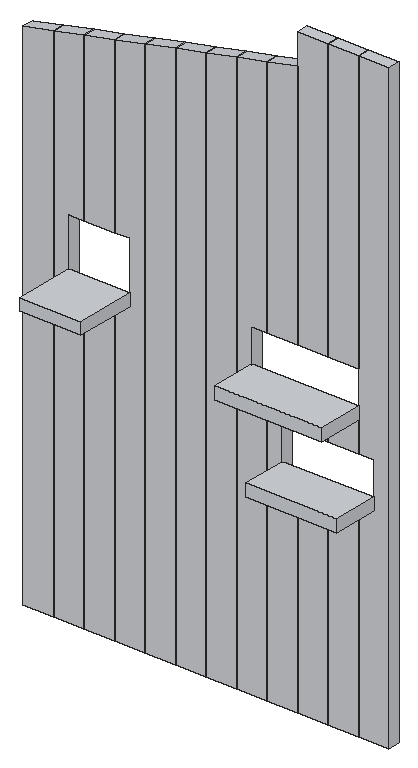
Revit family
Parameters
  v32 = if(dx32 = 1200 mm, 10 mm, v3)  # 300 mm
  v3 = 300 mm
  v22 = if(dx22 = 1200 mm, 10 mm, v2)  # 200 mm
  v2 = 200 mm
  v12 = if(dx12 = 1200 mm, 10 mm, v1)  # 350 mm
  v1 = 350 mm
  taglio = yes
  sx1 = 10 mm
  superficie = 0.00 m²
  scalo = no
  pt = 40 mm
  volume = area * pt  # 0.0888 m³
  pesp = 900
  peso = (volume / (1000 mm * 1000 mm * 1000 mm)) * pesp  # 79.92
  perimetro = if(taglio, ip + 1200 mm + 2000 mm + sqrt((ap2 - ip) ^ 2 + lpt ^ 2) + (h - ap2) + (1200 mm - lpt), h + h + 1200 mm + 1200 mm)  # 6221.954 mm
  mdv12 = if(dv1 + av1 + 100 mm > dv2 + av2 + 100 mm, dv1 + av1 + 100 mm, dv2 + av2 + 100 mm)  # 1170 mm
  lpt = if(taglio, lp, 10 mm)  # 900 mm
  lp = 900 mm
  l = if(taglio, 1200 mm, 1200 mm + lpt)  # 1200 mm
  ip = 1700 mm
  h = 2000 mm
  e = if(ap2 < h, 100 mm, ap2 - h + 100 mm)  # 100 mm
  dx34 = if(and(lp > 1200 mm - dx33 - v3 - 50 mm, scalo, taglio), 1200 mm, dx33)  # 50 mm
  dx33 = if(1200 mm - dx3 - v3 < 50 mm, 1200 mm - v3 - 50 mm, dx3)  # 50 mm
  dx32 = if(and(ip < h - dv3 + 50 mm, ap2 > h - dv3 - av3 - 50 mm, lpt > 1200 mm - dx3 - v3 - 50 mm), 1200 mm, dx34)  # 50 mm
  dx3 = 50 mm
  dx24 = if(and(lp > dx23 - 50 mm, scalo, taglio), 1200 mm, dx23)  # 150 mm
  dx23 = if(1200 mm - dx2 - v2 < 50 mm, 1200 mm - v2 - 50 mm, dx2)  # 150 mm
  dx22 = if(and(ip < h - dv2 + 50 mm, ap2 > h - dv2 - av2 - 50 mm, lpt > dx2 - 50 mm), 1200 mm, dx24)  # 150 mm
  dx2 = 150 mm
  dx14 = if(and(lp > 1200 mm - dx13 - v1 - 50 mm, scalo, taglio), 1200 mm, dx13)  # 100 mm
  dx13 = if(1200 mm - dx1 - v1 < 50 mm, 1200 mm - v1 - 50 mm, dx1)  # 100 mm
  dx12 = if(and(ip < h - dv1 + 50 mm, ap2 > h - dv1 - av1 - 50 mm, lpt > 1200 mm - dx1 - v1 - 50 mm), 1200 mm, dx14)  # 100 mm
  dx1 = 100 mm
  dv31 = if(dv3 < mdv12, mdv12, dv3)  # 1170 mm
  dv3 = 460 mm
  dv2 = 800 mm
  dv1 = 920 mm
  costoEffe = (area / (1000 mm * 1000 mm)) * 100  # 222
  av3 = 150 mm
  av2 = 200 mm
  av1 = 150 mm
  area2 = if(scalo, (h - ip) * lpt, area1)  # 0.18 m²
  area1 = (((h - ip) + (h - ap)) * lpt) * 0.5  # 0.18 m²
  area = 1200 mm * 2000 mm - area2  # 2.22 m²
  apri = yes
  ap = 1900 mm
  ap1 = if(ip > ap, ip, ap)  # 1900 mm
  ap2 = if(scalo, ip, ap1)  # 1900 mm
  a3 = if(dx32 = 1200 mm, 90.00°, a)  # 1.00°
  a2 = if(dx22 = 1200 mm, 90.00°, a)  # 1.00°
  a1 = if(dx12 = 1200 mm, 90.00°, a)  # 1.00°
  a = if(apri, 1.00°, 89.00°)  # 1.00°
  0 = 0 mm
Reference planes
  plane 1 "Center (Front/Back)": y = 0
  plane 2: z = 0
  plane 3 "Center (Left/Right)": x = 0
  plane 4 "h": z = 2000
  plane 5: z = 2100
  plane 6 "lp": x = -300
  plane 7: x = -1200
  plane 8: z = 1700
  plane 9: z = 1900
  plane 10: y = -40
  plane 11 "h3": z = 0
  plane 12: z = 2000
  plane 13: z = 1080
  plane 14 "h10": z = 1080
  plane 15 "h11": z = 930
  plane 16 "v10": x = -450
  plane 17 "v11": x = -100
  plane 18: x = -1210
  plane 19: x = -1200
  plane 20: x = 10
  plane 21 "v20": x = -1050
  plane 22 "v21": x = -850
  plane 23 "h20": z = 1200
  plane 24 "h21": z = 1000
  plane 25 "h30": z = 830
  plane 26 "h31": z = 680
  plane 27 "v30": x = -350
  plane 28 "v31": x = -50
Forms (mm)
  Extrusion 1, solid
    sketch origin (1230.05, 0, 0) x (1, 0, 0) y (0, 0, 1)
      loop
        line (-1330.05, 2000) -> (-1330.05, 0) -> (-1230.05, 0) -> (-1230.05, 2000) -> (-1330.05, 2000)
    from 0 to 40
  Extrusion 2, solid
    sketch origin (1130.05, 0, 0) x (1, 0, 0) y (0, 0, 1)
      loop
        line (-1330.05, 2000) -> (-1330.05, 0) -> (-1230.05, 0) -> (-1230.05, 2000) -> (-1330.05, 2000)
    from 0 to 40
  Extrusion 3, solid
    sketch origin (1030.05, 0, 0) x (1, 0, 0) y (0, 0, 1)
      loop
        line (-1330.05, 2000) -> (-1330.05, 0) -> (-1230.05, 0) -> (-1230.05, 2000) -> (-1330.05, 2000)
    from 0 to 40
  Extrusion 4, solid
    sketch origin (930.05, 0, 0) x (1, 0, 0) y (0, 0, 1)
      loop
        line (-1330.05, 2000) -> (-1330.05, 0) -> (-1230.05, 0) -> (-1230.05, 2000) -> (-1330.05, 2000)
    from 0 to 40
  Extrusion 5, solid
    sketch origin (830.05, 0, 0) x (1, 0, 0) y (0, 0, 1)
      loop
        line (-1330.05, 2000) -> (-1330.05, 0) -> (-1230.05, 0) -> (-1230.05, 2000) -> (-1330.05, 2000)
    from 0 to 40
  Extrusion 6, solid
    sketch origin (730.05, 0, 0) x (1, 0, 0) y (0, 0, 1)
      loop
        line (-1330.05, 2000) -> (-1330.05, 0) -> (-1230.05, 0) -> (-1230.05, 2000) -> (-1330.05, 2000)
    from 0 to 40
  Extrusion 7, solid
    sketch origin (630.05, 0, 0) x (1, 0, 0) y (0, 0, 1)
      loop
        line (-1330.05, 2000) -> (-1330.05, 0) -> (-1230.05, 0) -> (-1230.05, 2000) -> (-1330.05, 2000)
    from 0 to 40
  Extrusion 8, solid
    sketch origin (530.05, 0, 0) x (1, 0, 0) y (0, 0, 1)
      loop
        line (-1330.05, 2000) -> (-1330.05, 0) -> (-1230.05, 0) -> (-1230.05, 2000) -> (-1330.05, 2000)
    from 0 to 40
  Extrusion 9, solid
    sketch origin (430.05, 0, 0) x (1, 0, 0) y (0, 0, 1)
      loop
        line (-1330.05, 2000) -> (-1330.05, 0) -> (-1230.05, 0) -> (-1230.05, 2000) -> (-1330.05, 2000)
    from 0 to 40
  Extrusion 10, solid
    sketch origin (330.05, 0, 0) x (1, 0, 0) y (0, 0, 1)
      loop
        line (-1330.05, 2000) -> (-1330.05, 0) -> (-1230.05, 0) -> (-1230.05, 2000) -> (-1330.05, 2000)
    from 0 to 40
  Extrusion 11, solid
    sketch origin (230.05, 0, 0) x (1, 0, 0) y (0, 0, 1)
      loop
        line (-1330.05, 2000) -> (-1330.05, 0) -> (-1230.05, 0) -> (-1230.05, 2000) -> (-1330.05, 2000)
    from 0 to 40
  Extrusion 12, solid
    sketch origin (130.05, 0, 0) x (1, 0, 0) y (0, 0, 1)
      loop
        line (-1330.05, 2000) -> (-1330.05, 0) -> (-1230.05, 0) -> (-1230.05, 2000) -> (-1330.05, 2000)
    from 0 to 40
  Extrusion 13, void
    sketch origin (0, 0, 0) x (1, 0, 0) y (0, 0, 1)
      loop
        line (-1200, 2100) -> (-1200, 1700) -> (-300, 1900) -> (-300, 2100) -> (-1200, 2100)
    from 0 to 40
  Extrusion 14, void
    sketch origin (0, 0, 0) x (1, 0, 0) y (0, 0, 1)
      loop
        line (-450, 1080) -> (-450, 930) -> (-100, 930) -> (-100, 1080) -> (-450, 1080)
    from 0 to 40 <- "pt"
  Extrusion 15, void
    sketch origin (0, 0, 0) x (1, 0, 0) y (0, 0, 1)
      loop
        line (-1210, 2000) -> (-1210, 0) -> (-1200, 0) -> (-1200, 2000) -> (-1210, 2000)
    from 0 to 40 <- "pt"
  Extrusion 16, solid
    sketch origin (-450, 0, 0) x (0, 0, 1) y (0, -1, 0)
      loop
        line (972.612, 189.279) -> (932.618, 189.977) -> (930, 40) -> (969.994, 39.302) -> (972.612, 189.279)
    from 0 to 350
  Extrusion 17, void
    sketch origin (0, 0, 0) x (1, 0, 0) y (0, 0, 1)
      loop
        line (0, 2000) -> (0, 0) -> (10, 0) -> (10, 2000) -> (0, 2000)
    from 0 to 40 <- "pt"
  Extrusion 18, void
    sketch origin (0, 0, 0) x (1, 0, 0) y (0, 0, 1)
      loop
        line (-1050, 1200) -> (-1050, 1000) -> (-850, 1000) -> (-850, 1200) -> (-1050, 1200)
    from 0 to 40 <- "pt"
  Extrusion 19, solid
    sketch origin (-1050, 0, 0) x (0, 0, 1) y (0, -1, 0)
      loop
        line (1043.484, 239.271) -> (1003.49, 239.97) -> (1000, 40) -> (1039.994, 39.302) -> (1043.484, 239.271)
    from 0 to 200
  Extrusion 20, void
    sketch origin (0, 0, 0) x (1, 0, 0) y (0, 0, 1)
      loop
        line (-350, 830) -> (-350, 680) -> (-50, 680) -> (-50, 830) -> (-350, 830)
    from 0 to 40 <- "pt"
  Extrusion 21, solid
    sketch origin (-350, 0, 0) x (0, 0, 1) y (0, -1, 0)
      loop
        line (722.612, 189.279) -> (682.618, 189.977) -> (680, 40) -> (719.994, 39.302) -> (722.612, 189.279)
    from 0 to 300
Cuts and joins
  Extrusion 13, Extrusion 14, Extrusion 18, Extrusion 20 cuts Extrusion 8
  Extrusion 13, Extrusion 14, Extrusion 18, Extrusion 20 cuts Extrusion 9
  Extrusion 13, Extrusion 14, Extrusion 18, Extrusion 20 cuts Extrusion 10
  Extrusion 13, Extrusion 14, Extrusion 18, Extrusion 20 cuts Extrusion 11
  Extrusion 13, Extrusion 14, Extrusion 15, Extrusion 18, Extrusion 20 cuts Extrusion 12
  Extrusion 13, Extrusion 14, Extrusion 18, Extrusion 20 cuts Extrusion 7
  Extrusion 13, Extrusion 14, Extrusion 18, Extrusion 20 cuts Extrusion 6
  Extrusion 13, Extrusion 14, Extrusion 18, Extrusion 20 cuts Extrusion 5
  Extrusion 13, Extrusion 14, Extrusion 18, Extrusion 20 cuts Extrusion 4
  Extrusion 13, Extrusion 14, Extrusion 18, Extrusion 20 cuts Extrusion 3
  Extrusion 13, Extrusion 14, Extrusion 18, Extrusion 20 cuts Extrusion 2
  Extrusion 13, Extrusion 14, Extrusion 17, Extrusion 18, Extrusion 20 cuts Extrusion 1
  Extrusion 15 cuts Extrusion 16
  Extrusion 17, Extrusion 20 cuts Extrusion 19
  Extrusion 15 cuts Extrusion 21
Lines and regions (mm)
  reference lines
    curve 1: line (-1200, 0, 1700) -> (-300, 0, 1900)
    curve 2: line (-100, -40, 930) -> (-100, -439.939, 936.981)
    curve 3: line (-1050, -40, 1000) -> (-1050, -339.954, 1005.236)
    curve 4: line (-350, -40, 680) -> (-350, -339.954, 685.236)
Dimensions and locks
  "h": plane 4 "h" to level
  "0": plane 8 to curve 1
  "0": plane 7 to curve 1
  "0": plane 6 "lp" to curve 1
  "0": plane 9 to curve 1
  "l": plane 3 "Center (Left/Right)" to plane 7
  "e": plane 5 to plane 4 "h"
  "ap2": plane 9 to level
  "ip": plane 8 to level
  "lpt": plane 6 "lp" to plane 7
  "pt": plane 10 to plane 1 "Center (Front/Back)"
  "dv1": plane 12 to plane 13
  "av1": plane 14 "h10" to plane 15 "h11"
  "v12": plane 17 "v11" to plane 16 "v10"
  "dx12": plane 3 "Center (Left/Right)" to plane 17 "v11"
  "0": curve 2 to plane 15 "h11"
  "0": plane 10 to curve 2
  locked: plane 19 to plane 3 "Center (Left/Right)" at 1200
  plane 18 to plane 19 = 10 mm  (x3)
  plane 19 to plane 18 = 10 mm
  "pt": Extrusion 16 sketch curve to Extrusion 16 sketch curve
  "av1": Extrusion 16 sketch curve to Extrusion 16 sketch curve
  "av2": plane 23 "h20" to plane 24 "h21"
  "v22": plane 22 "v21" to plane 21 "v20"
  "dv2": plane 12 to plane 23 "h20"
  "dx22": plane 21 "v20" to plane 19
  "0": curve 3 to plane 24 "h21"
  "0": plane 10 to curve 3
  "pt": Extrusion 19 sketch curve to Extrusion 19 sketch curve
  "av2": Extrusion 19 sketch curve to Extrusion 19 sketch curve
  "av3": plane 25 "h30" to plane 26 "h31"
  "v32": plane 28 "v31" to plane 27 "v30"
  "dx32": plane 3 "Center (Left/Right)" to plane 28 "v31"
  "dv31": plane 4 "h" to plane 25 "h30"
  "0": plane 10 to curve 4
  "0": curve 4 to plane 26 "h31"
  "pt": Extrusion 21 sketch curve to Extrusion 21 sketch curve
  "av3": Extrusion 21 sketch curve to Extrusion 21 sketch curve
  plane 20 to Extrusion 17 = 10 mm
  "a1": angle plane 15 "h11" to curve 2
  "a2": angle plane 24 "h21" to curve 3
  "a3": angle plane 26 "h31" to curve 4
  aligned and locked: plane 4 "h" to Extrusion 1
  aligned and locked: plane 3 "Center (Left/Right)" to Extrusion 1
  aligned and locked: Extrusion 13 sketch curve to plane 5
  aligned and locked: Extrusion 13 sketch curve to plane 6 "lp"
  aligned and locked: plane 7 to Extrusion 13 sketch curve
  aligned and locked: Extrusion 13 sketch curve to curve 1
  aligned and locked: cut or joined group of Extrusion 1, Extrusion 13, Extrusion 14, Extrusion 17, Extrusion 18, Extrusion 20 to plane 10
  aligned and locked: cut or joined group of Extrusion 2, Extrusion 13, Extrusion 14, Extrusion 18, Extrusion 20 to plane 10
  aligned and locked: cut or joined group of Extrusion 3, Extrusion 13, Extrusion 14, Extrusion 18, Extrusion 20 to plane 10
  aligned and locked: cut or joined group of Extrusion 4, Extrusion 13, Extrusion 14, Extrusion 18, Extrusion 20 to plane 10
  aligned and locked: cut or joined group of Extrusion 5, Extrusion 13, Extrusion 14, Extrusion 18, Extrusion 20 to plane 10
  aligned and locked: cut or joined group of Extrusion 6, Extrusion 13, Extrusion 14, Extrusion 18, Extrusion 20 to plane 10
  aligned and locked: cut or joined group of Extrusion 7, Extrusion 13, Extrusion 14, Extrusion 18, Extrusion 20 to plane 10
  aligned and locked: cut or joined group of Extrusion 8, Extrusion 13, Extrusion 14, Extrusion 18, Extrusion 20 to plane 10
  aligned and locked: cut or joined group of Extrusion 9, Extrusion 13, Extrusion 14, Extrusion 18, Extrusion 20 to plane 10
  aligned and locked: cut or joined group of Extrusion 10, Extrusion 13, Extrusion 14, Extrusion 18, Extrusion 20 to plane 10
  aligned and locked: cut or joined group of Extrusion 11, Extrusion 13, Extrusion 14, Extrusion 18, Extrusion 20 to plane 10
  aligned and locked: cut or joined group of Extrusion 12, Extrusion 13, Extrusion 14, Extrusion 15, Extrusion 18, Extrusion 20 to plane 10
  aligned and locked: Extrusion 13 to Extrusion 8
  aligned and locked: plane 4 "h" to plane 12
  aligned and locked: plane 13 to plane 14 "h10"
  aligned and locked: plane 16 "v10" to Extrusion 14 sketch curve
  aligned and locked: Extrusion 14 sketch curve to plane 14 "h10"
  aligned and locked: Extrusion 14 sketch curve to plane 17 "v11"
  aligned and locked: plane 15 "h11" to Extrusion 14 sketch curve
  aligned and locked: Extrusion 15 sketch curve to plane 12
  aligned and locked: Extrusion 15 sketch curve to plane 19
  aligned and locked: plane 11 "h3" to Extrusion 15 sketch curve
  aligned and locked: plane 18 to Extrusion 15 sketch curve
  aligned and locked: Extrusion 16 sketch curve to curve 2  (x2)
  aligned and locked: plane 17 "v11" to Extrusion 16
  aligned and locked: plane 3 "Center (Left/Right)" to Extrusion 17 sketch curve
  aligned and locked: Extrusion 17 sketch curve to plane 20
  aligned and locked: Extrusion 17 sketch curve to plane 12
  aligned and locked: plane 11 "h3" to Extrusion 17 sketch curve
  aligned and locked: plane 24 "h21" to Extrusion 18 sketch curve
  aligned and locked: Extrusion 18 sketch curve to plane 23 "h20"
  aligned and locked: plane 21 "v20" to Extrusion 18 sketch curve
  aligned and locked: Extrusion 18 sketch curve to plane 22 "v21"
  aligned and locked: Extrusion 19 sketch curve to curve 3  (x2)
  aligned and locked: plane 22 "v21" to Extrusion 19
  aligned and locked: Extrusion 20 sketch curve to plane 25 "h30"
  aligned and locked: plane 27 "v30" to Extrusion 20 sketch curve
  aligned and locked: Extrusion 20 sketch curve to plane 28 "v31"
  aligned and locked: plane 26 "h31" to Extrusion 20 sketch curve
  aligned and locked: Extrusion 21 sketch curve to curve 4  (x2)
  aligned and locked: plane 28 "v31" to Extrusion 21
Automatic sketch dimensions
  Extrusion 1 sketch curve to level = 0 mm
  Extrusion 1 sketch curve to plane 4 "h" = 0 mm
  Extrusion 1 sketch curve to plane 3 "Center (Left/Right)" = 0 mm
  Extrusion 1 sketch curve to plane 3 "Center (Left/Right)" = 100 mm
  Extrusion 2 sketch curve to level = 0 mm
  Extrusion 2 sketch curve to plane 4 "h" = 0 mm
  Extrusion 2 sketch curve to plane 3 "Center (Left/Right)" = 200 mm
  Extrusion 2 sketch curve to plane 3 "Center (Left/Right)" = 100 mm
  Extrusion 3 sketch curve to level = 0 mm
  Extrusion 3 sketch curve to plane 4 "h" = 0 mm
  Extrusion 3 sketch curve to plane 3 "Center (Left/Right)" = 300 mm
  Extrusion 3 sketch curve to Extrusion 3 sketch curve = 100 mm
  Extrusion 4 sketch curve to level = 0 mm
  Extrusion 4 sketch curve to plane 4 "h" = 0 mm
  Extrusion 4 sketch curve to plane 3 "Center (Left/Right)" = 400 mm
  Extrusion 4 sketch curve to Extrusion 4 sketch curve = 100 mm
  Extrusion 5 sketch curve to level = 0 mm
  Extrusion 5 sketch curve to plane 4 "h" = 0 mm
  Extrusion 5 sketch curve to plane 3 "Center (Left/Right)" = 500 mm
  Extrusion 5 sketch curve to Extrusion 5 sketch curve = 100 mm
  Extrusion 6 sketch curve to level = 0 mm
  Extrusion 6 sketch curve to plane 4 "h" = 0 mm
  Extrusion 6 sketch curve to plane 3 "Center (Left/Right)" = 600 mm
  Extrusion 6 sketch curve to Extrusion 6 sketch curve = 100 mm
  Extrusion 7 sketch curve to level = 0 mm
  Extrusion 7 sketch curve to plane 4 "h" = 0 mm
  Extrusion 7 sketch curve to plane 3 "Center (Left/Right)" = 700 mm
  Extrusion 7 sketch curve to Extrusion 7 sketch curve = 100 mm
  Extrusion 8 sketch curve to level = 0 mm
  Extrusion 8 sketch curve to plane 4 "h" = 0 mm
  Extrusion 8 sketch curve to plane 3 "Center (Left/Right)" = 800 mm
  Extrusion 8 sketch curve to Extrusion 8 sketch curve = 100 mm
  Extrusion 9 sketch curve to level = 0 mm
  Extrusion 9 sketch curve to plane 4 "h" = 0 mm
  Extrusion 9 sketch curve to plane 3 "Center (Left/Right)" = 900 mm
  Extrusion 9 sketch curve to Extrusion 9 sketch curve = 100 mm
  Extrusion 10 sketch curve to level = 0 mm
  Extrusion 10 sketch curve to plane 4 "h" = 0 mm
  Extrusion 10 sketch curve to plane 3 "Center (Left/Right)" = 1000 mm
  Extrusion 10 sketch curve to Extrusion 10 sketch curve = 100 mm
  Extrusion 11 sketch curve to level = 0 mm
  Extrusion 11 sketch curve to plane 4 "h" = 0 mm
  Extrusion 11 sketch curve to plane 3 "Center (Left/Right)" = 1100 mm
  Extrusion 11 sketch curve to Extrusion 11 sketch curve = 100 mm
  Extrusion 12 sketch curve to level = 0 mm
  Extrusion 12 sketch curve to plane 4 "h" = 0 mm
  Extrusion 12 sketch curve to plane 3 "Center (Left/Right)" = 1200 mm
  Extrusion 12 sketch curve to Extrusion 12 sketch curve = 100 mm
